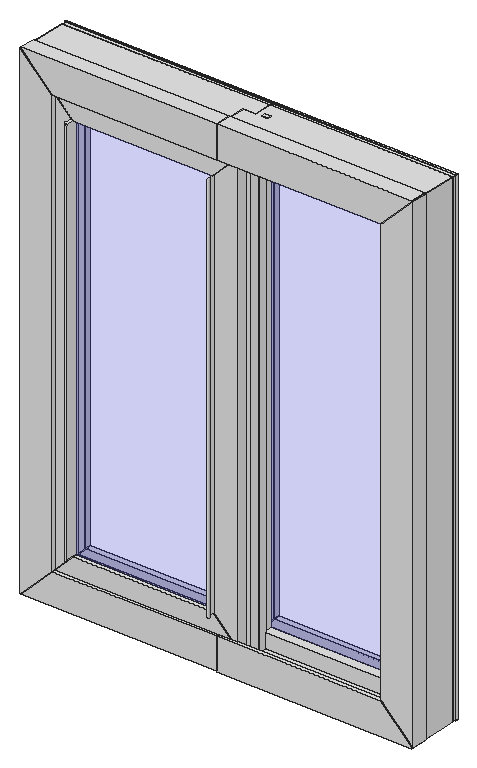
Revit family "531_OX_nofin", category Windows, host Wall, Revit 2016
Family settings
  Host = Wall
  OmniClass Number = 23.30.20.00
  OmniClass Title = Windows
  Always vertical = Yes
  Cut with Voids When Loaded = No
  Shared = No
  Room Calculation Point = No
Parameters (values of type "24x30")
  MLW2 = 1 / 2 * Bar Set  # 6"
  MLW = 1 / 8 * (Width - Bar Set)  # 1 1/2"
  Interior Color [instance] = White
  Height = 30"
  Exterior Color [instance] = White
  Default Sill Height = 31.49606"
  Wall Closure = By host
  Width = 24"
  Bar Set = 12"
Types (88): name | MLW2 | MLW | Interior Color | Height | Exterior Color | Width | Bar Set
  (no name) | 6" | 1 1/2" | White | 30" | White | 24" | 12"
  36x24 | 9" | 2 1/4" | none | 24" | none | 36" | 18"
  60x48 | 15" | 3 3/4" | none | 48" | none | 60" | 30"
  24x12Min | 6" | 1 1/2" | none | 12" | none | 24" | 12"
  72x36 | 18" | 4 1/2" | none | 60" | none | 72" | 36"
  96x60Max | 18" | 7 1/2" | none | 60" | none | 96" | 36"
  48x36 | 12" | 3" | none | 36" | none | 48" | 24"
  84x48 | 18" | 6" | none | 48" | none | 84" | 36"
  24x18 | 6" | 1 1/2" | none | 18" | none | 24" | 12"
  24x24 | 6" | 1 1/2" | none | 24" | none | 24" | 12"
  24x30 | 6" | 1 1/2" | White | 30" | White | 24" | 12"
  24x36 | 6" | 1 1/2" | none | 36" | none | 24" | 12"
  24x42 | 6" | 1 1/2" | none | 42" | none | 24" | 12"
  30x12 | 6" | 2 1/4" | none | 12" | none | 30" | 12"
  30x18 | 6" | 2 1/4" | none | 18" | none | 30" | 12"
  30x24 | 6" | 2 1/4" | none | 24" | none | 30" | 12"
  30x30 | 6" | 2 1/4" | none | 30" | none | 30" | 12"
  30x36 | 6" | 2 1/4" | none | 36" | none | 30" | 12"
  30x42 | 6" | 2 1/4" | none | 42" | none | 30" | 12"
  30x48 | 6" | 2 1/4" | none | 48" | none | 30" | 12"
  30x54 | 6" | 2 1/4" | none | 54" | none | 30" | 12"
  30x60 | 6" | 2 1/4" | none | 60" | none | 30" | 12"
  36x12 | 9" | 2 1/4" | none | 12" | none | 36" | 18"
  36x18 | 9" | 2 1/4" | none | 18" | none | 36" | 18"
  36x30 | 9" | 2 1/4" | none | 30" | none | 36" | 18"
  36x36 | 9" | 2 1/4" | none | 36" | none | 36" | 18"
  36x42 | 9" | 2 1/4" | none | 42" | none | 36" | 18"
  36x48 | 9" | 2 1/4" | none | 48" | none | 36" | 18"
  36x54 | 9" | 2 1/4" | none | 54" | none | 36" | 18"
  36x60 | 9" | 2 1/4" | none | 60" | none | 36" | 18"
  42x12 | 9" | 3" | none | 12" | none | 42" | 18"
  42x18 | 9" | 3" | none | 18" | none | 42" | 18"
  42x24 | 9" | 3" | none | 24" | none | 42" | 18"
  42x30 | 9" | 3" | none | 30" | none | 42" | 18"
  42x36 | 9" | 3" | none | 36" | none | 42" | 18"
  42x42 | 9" | 3" | none | 42" | none | 42" | 18"
  42x48 | 9" | 3" | none | 48" | none | 42" | 18"
  42x54 | 9" | 3" | none | 54" | none | 42" | 18"
  42x60 | 9" | 3" | none | 60" | none | 42" | 18"
  48x12 | 12" | 3" | none | 12" | none | 48" | 24"
  48x18 | 12" | 3" | none | 18" | none | 48" | 24"
  48x24 | 12" | 3" | none | 24" | none | 48" | 24"
  48x30 | 12" | 3" | none | 30" | none | 48" | 24"
  48x42 | 12" | 3" | none | 42" | none | 48" | 24"
  48x48 | 12" | 3" | none | 48" | none | 48" | 24"
  48x54 | 12" | 3" | none | 54" | none | 48" | 24"
  48x60 | 12" | 3" | none | 60" | none | 48" | 24"
  54x18 | 12" | 3 3/4" | none | 18" | none | 54" | 24"
  54x24 | 12" | 3 3/4" | none | 24" | none | 54" | 24"
  54x30 | 12" | 3 3/4" | none | 30" | none | 54" | 24"
  54x36 | 12" | 3 3/4" | none | 36" | none | 54" | 24"
  54x42 | 12" | 3 3/4" | none | 42" | none | 54" | 24"
  54x48 | 12" | 3 3/4" | none | 48" | none | 54" | 24"
  54x54 | 12" | 3 3/4" | none | 54" | none | 54" | 24"
  54x60 | 12" | 3 3/4" | none | 60" | none | 54" | 24"
  60x24 | 15" | 3 3/4" | none | 24" | none | 60" | 30"
  60x30 | 15" | 3 3/4" | none | 30" | none | 60" | 30"
  60x36 | 15" | 3 3/4" | none | 36" | none | 60" | 30"
  60x42 | 15" | 3 3/4" | none | 42" | none | 60" | 30"
  60x54 | 15" | 3 3/4" | none | 54" | none | 60" | 30"
  60x60 | 15" | 3 3/4" | none | 60" | none | 60" | 30"
  66x36 | 15" | 4 1/2" | none | 36" | none | 66" | 30"
  66x42 | 15" | 4 1/2" | none | 42" | none | 66" | 30"
  66x48 | 15" | 4 1/2" | none | 48" | none | 66" | 30"
  66x54 | 15" | 4 1/2" | none | 54" | none | 66" | 30"
  66x60 | 15" | 4 1/2" | none | 60" | none | 66" | 30"
  72x42 | 18" | 4 1/2" | none | 42" | none | 72" | 36"
  72x48 | 18" | 4 1/2" | none | 48" | none | 72" | 36"
  72x54 | 18" | 4 1/2" | none | 54" | none | 72" | 36"
  72x60 | 18" | 4 1/2" | none | 60" | none | 72" | 36"
  78x36 | 18" | 5 1/4" | none | 36" | none | 78" | 36"
  78x42 | 18" | 5 1/4" | none | 42" | none | 78" | 36"
  78x48 | 18" | 5 1/4" | none | 48" | none | 78" | 36"
  78x54 | 18" | 5 1/4" | none | 54" | none | 78" | 36"
  78x60 | 18" | 5 1/4" | none | 60" | none | 78" | 36"
  84x36 | 18" | 6" | none | 36" | none | 84" | 36"
  84x42 | 18" | 6" | none | 42" | none | 84" | 36"
  84x54 | 18" | 6" | none | 54" | none | 84" | 36"
  84x60 | 18" | 6" | none | 60" | none | 84" | 36"
  90x36 | 18" | 6 3/4" | none | 36" | none | 90" | 36"
  90x42 | 18" | 6 3/4" | none | 42" | none | 90" | 36"
  90x48 | 18" | 6 3/4" | none | 48" | none | 90" | 36"
  90x54 | 18" | 6 3/4" | none | 54" | none | 90" | 36"
  90x60 | 18" | 6 3/4" | none | 60" | none | 90" | 36"
  96x36 | 18" | 7 1/2" | none | 36" | none | 96" | 36"
  96x42 | 18" | 7 1/2" | none | 42" | none | 96" | 36"
  96x48 | 18" | 7 1/2" | none | 48" | none | 96" | 36"
  96x54 | 18" | 7 1/2" | none | 54" | none | 96" | 36"
Reference planes (in)
  plane 1 "Center (Front/Back)": y = 0
  plane 2 "Center (Left/Right)": x = 0
  plane 3 "Left": x = -12
  plane 4 "Right": x = 12
  plane 5 "Sill": z = 31.49606
  plane 6 "Head": z = 61.49606
  plane 7 "Exterior": y = 3.93701
  plane 8 "Interior": y = -3.93701
  plane 9 "Front of wall": y = 3.93701
  plane 10 "Bar Set": x = 0
  plane 11: z = 34.04922
  plane 12: x = -9.48299
  plane 13: x = 0.12463
  plane 14: x = 0.6229
  plane 15: z = 58.9783
  plane 16: z = 60.10146
  plane 17: z = 32.89066
  plane 18: x = 10.6054
  plane 19: x = 0.74597
  plane 20 "Front of glass": y = 4.93055
Forms (in)
  Extrusion 1, solid, material "White" <- "Interior Color"
    sketch origin (6, 0, 0) x (0, 0, -1) y (0, 1, 0)
      loop
        line (-33.39043, 2.08253) -> (-33.39043, 1.88312) -> (-31.49606, 1.88312) -> (-31.49606, 5.03546) -> (-31.516, 5.06366) -> (-31.516, 5.24739) -> (-31.47612, 5.24739) -> (-31.47612, 5.37274) -> (-32.76728, 5.37274) -> (-32.76728, 4.12644) -> (-33.39043, 4.12644) -> (-33.39043, 3.47837) -> (-33.92559, 3.47837) -> (-33.96315, 3.46831) -> (-34.48692, 3.46831) -> (-34.48692, 3.10548) -> (-34.5121, 3.0661) -> (-34.04922, 3.0661) -> (-34.04922, 2.32431) -> (-34.51206, 2.32431) -> (-34.51206, 2.08253) -> (-33.39043, 2.08253)
    from -5.25403 to -18
  Extrusion 2, solid, material "White" <- "Interior Color"
    sketch origin (0, 0, 0.07514) x (0, 0, -1) y (0, 1, 0)
      loop
        line (-59.52656, 1.88312) -> (-59.52656, 2.08253) -> (-58.40465, 2.08253) -> (-58.40465, 2.32431) -> (-58.90317, 2.32431) -> (-58.90317, 3.0661) -> (-58.44129, 3.0661) -> (-58.46778, 3.10753) -> (-58.46778, 3.47837) -> (-59.52656, 3.47837) -> (-59.52656, 4.12644) -> (-60.27434, 4.12644) -> (-60.27434, 4.62496) -> (-60.14971, 4.62496) -> (-60.14971, 5.37274) -> (-61.44087, 5.37274) -> (-61.44087, 5.24811) -> (-61.40098, 5.24811) -> (-61.40098, 5.06366) -> (-61.42093, 5.03546) -> (-61.42093, 2.83778) -> (-61.49606, 2.83778) -> (-61.49606, 1.88312) -> (-59.52656, 1.88312)
    from 0.74597 to -12
  Extrusion 3, solid, material "White" <- "Interior Color"
    sketch origin (0, 0, 0.07514) x (0, 0, -1) y (0, 1, 0)
      loop
        line (-59.67612, 2.08253) -> (-59.70459, 2.06258) -> (-60.39897, 2.06258) -> (-60.39897, 3.57808) -> (-59.52681, 3.57808) -> (-59.52681, 4.18876) -> (-60.02632, 4.18876) -> (-60.02632, 4.93055) -> (-59.56345, 4.93055) -> (-59.58863, 4.96993) -> (-59.58863, 5.33276) -> (-60.14971, 5.33276) -> (-60.14971, 5.37274) -> (-61.44087, 5.37274) -> (-61.44087, 5.24811) -> (-61.40098, 5.24811) -> (-61.40098, 5.06366) -> (-61.42093, 5.03546) -> (-61.42093, 2.83778) -> (-61.49606, 2.83778) -> (-61.49606, 1.88312) -> (-59.52656, 1.88312) -> (-59.52656, 2.08253) -> (-59.67612, 2.08253)
    from 0 to 12
  Extrusion 4, solid, material "White" <- "Interior Color"
    sketch origin (0, 0, -0.07514) x (0, 0, -1) y (0, 1, 0)
      loop
        line (-32.84242, 5.33276) -> (-33.4035, 5.33276) -> (-33.4035, 4.96993) -> (-33.42868, 4.93055) -> (-32.9658, 4.93055) -> (-32.9658, 4.18876) -> (-33.46532, 4.18876) -> (-33.46532, 3.57808) -> (-32.59316, 3.57808) -> (-32.59316, 2.06258) -> (-33.28147, 2.06258) -> (-33.31601, 2.08253) -> (-33.46556, 2.08253) -> (-33.46556, 1.88312) -> (-31.49606, 1.88312) -> (-31.49606, 2.83778) -> (-31.5712, 2.83778) -> (-31.5712, 5.03546) -> (-31.59114, 5.06366) -> (-31.59114, 5.24811) -> (-31.55126, 5.24811) -> (-31.55126, 5.37274) -> (-32.84242, 5.37274) -> (-32.84242, 5.33276)
    from 0 to 12
  Extrusion 5, solid, material "White" <- "Interior Color"
    sketch origin (-0.07514, 0, 31.49606) x (0, -1, 0) y (1, 0, 0)
      loop
        line (-2.83778, -12) -> (-1.88312, -12) -> (-1.88312, -10.0305) -> (-2.08253, -10.0305) -> (-2.08253, -8.97913) -> (-1.70819, -8.97913)
        arc (-1.70819, -8.97913) -> (-1.59969, -9.01298) -> (-1.64632, -8.90933) r 0.06231
        line (-1.64632, -8.90933) -> (-2.32431, -8.90933) -> (-2.32431, -9.40785) -> (-3.0661, -9.40785) -> (-3.0661, -8.94597) -> (-3.10548, -8.97115) -> (-3.46831, -8.97115) -> (-3.46831, -9.48888) -> (-3.47837, -9.53248) -> (-3.47837, -10.0305) -> (-4.12644, -10.0305) -> (-4.12644, -10.77827) -> (-4.62496, -10.77827) -> (-4.62496, -10.65364) -> (-5.37274, -10.65364) -> (-5.37274, -11.9448) -> (-5.24811, -11.9448) -> (-5.24811, -11.90492) -> (-5.06366, -11.90492) -> (-5.03546, -11.92486) -> (-2.83778, -11.92486) -> (-2.83778, -12)
    from 0 to 30
  Extrusion 6, solid, material "White" <- "Interior Color"
    sketch origin (0, 0, 31.49606) x (0, -1, 0) y (1, 0, 0)
      loop
        line (-4.93055, 1.08478) -> (-4.96993, 1.0596) -> (-5.33276, 1.0596) -> (-5.33276, 0.53583) -> (-5.34283, 0.49852) -> (-5.34283, -0.49852) -> (-4.72466, -0.49852) -> (-4.72466, -0.91229) -> (-4.64989, -0.91229) -> (-4.64989, -0.49852) -> (-4.10152, -0.49852) -> (-4.10152, -0.91229) -> (-4.02674, -0.91229) -> (-4.02674, -0.49852) -> (-3.57808, -0.49852) -> (-3.57808, -0.31207) -> (-3.10548, -0.31207) -> (-3.0661, -0.33725) -> (-3.0661, 0.12463) -> (-2.32431, 0.12463) -> (-2.32431, -0.37389) -> (-1.64632, -0.37389)
        arc (-1.64632, -0.37389) -> (-1.59969, -0.27024) -> (-1.70819, -0.3041) r 0.06231
        line (-1.70819, -0.3041) -> (-2.08253, -0.3041) -> (-2.08253, 1.12166) -> (-2.73658, 1.12166) -> (-2.75124, 1.40147) -> (-3.16811, 1.48148) -> (-3.16811, 1.63015) -> (-3.63845, 1.63015) -> (-3.64097, 1.48558) -> (-4.18876, 1.48558) -> (-4.18876, 0.6229) -> (-4.93055, 0.6229) -> (-4.93055, 1.08478)
    from 0 to 30
  Sweep 7, void
    path in 3D
      loop
        line (10.06142, 7.44341, 61.49606) -> (10.06142, 3.93701, 61.49606)
    profile origin (10.06142, 5.69021, 61.49606) x (1, 0, 0) y (0, 0, 1)
      loop
        line (2.17917, 0.24059) -> (-0.13813, 0.24059) -> (-0.13813, -2.07671) -> (2.17917, 0.24059)
  Sweep 8, void
    path in 3D
      loop
        line (10.06142, 7.44341, 61.49606) -> (10.06142, 3.93701, 61.49606)
    profile origin (10.06142, 5.69021, 61.49606) x (1, 0, 0) y (0, 0, 1)
      loop
        line (-0.06142, -2) -> (2.30858, -2) -> (2.30858, 0.37) -> (-0.06142, -2)
  Extrusion 9, solid, material "White" <- "Interior Color"
    sketch origin (0, 0, 31.49606) x (0, -1, 0) y (1, 0, 0)
      loop
        line (-5.33276, 10.72878) -> (-5.33276, 10.1677) -> (-4.96993, 10.1677) -> (-4.93055, 10.14252) -> (-4.93055, 10.6054) -> (-4.18876, 10.6054) -> (-4.18876, 10.10589) -> (-3.57808, 10.10589) -> (-3.57808, 10.97804) -> (-2.06258, 10.97804) -> (-2.06258, 10.28973) -> (-2.08253, 10.25519) -> (-2.08253, 10.10564) -> (-1.88312, 10.10564) -> (-1.88312, 12.07514) -> (-2.83778, 12.07514) -> (-2.83778, 12) -> (-5.03546, 12) -> (-5.06366, 11.98006) -> (-5.24811, 11.98006) -> (-5.24811, 12.01994) -> (-5.37274, 12.01994) -> (-5.37274, 10.72878) -> (-5.33276, 10.72878)
    from 0 to 30
  Sweep 10, void
    path in 3D
      loop
        line (-1.19179, 7.65926, 61.49606) -> (-1.19179, 3.93701, 61.49606)
    profile origin (-1.19179, 5.79814, 61.49606) x (1, 0, 0) y (0, 0, 1)
      loop
        line (1.69031, -1.27122) -> (1.93776, -1.27122) -> (1.93776, 0.17023) -> (0.2795, 0.17023) -> (0.2795, -3.31946) -> (2.39741, -3.31946) -> (2.39741, -1.97832) -> (1.69031, -1.27122)
  Sweep 11, void
    path in 3D
      loop
        line (-1.19179, 7.65926, 61.49606) -> (-1.19179, 3.93701, 61.49606)
    profile origin (-1.19179, 5.79814, 61.49606) x (1, 0, 0) y (0, 0, 1)
      loop
        line (2.3132, -1.89411) -> (2.3132, 0.22878) -> (0.07683, 0.22878) -> (0.07683, -1.27122) -> (1.72762, -1.27122) -> (1.72762, -1.30854) -> (2.3132, -1.89411)
  Sweep 12, void
    path in 3D
      loop
        line (-10.64198, 7.54333, 61.49606) -> (-10.64198, 3.93701, 61.49606)
    profile origin (-10.64198, 5.74017, 61.49606) x (1, 0, 0) y (0, 0, 1)
      loop
        line (-1.82248, 0.46447) -> (2.17752, -3.53553) -> (2.17752, 0.46447) -> (-1.82248, 0.46447)
  Sweep 13, void
    path in 3D
      loop
        line (-10.64198, 7.54333, 61.49606) -> (-10.64198, 3.93701, 61.49606)
    profile origin (-10.64198, 5.74017, 61.49606) x (1, 0, 0) y (0, 0, 1)
      loop
        line (-1.64885, 0.29083) -> (-1.64885, -3.45917) -> (2.10115, -3.45917) -> (-1.64885, 0.29083)
  Sweep 14, void
    path in 3D
      loop
        line (-10.05033, 7.34611, 31.49606) -> (-10.05033, 3.93701, 31.49606)
    profile origin (-10.05033, 5.64156, 31.49606) x (1, 0, 0) y (0, 0, 1)
      loop
        line (-2.4953, -0.54563) -> (1.67098, -0.54563) -> (1.67098, 3.62064) -> (-2.4953, -0.54563)
  Sweep 15, void
    path in 3D
      loop
        line (-10.05033, 7.34611, 31.49606) -> (-10.05033, 3.93701, 31.49606)
    profile origin (-10.05033, 5.64156, 31.49606) x (1, 0, 0) y (0, 0, 1)
      loop
        line (-2.37845, -0.42879) -> (1.7121, 3.66177) -> (-2.37845, 3.66177) -> (-2.37845, -0.42879)
  Sweep 16, void
    path in 3D
      loop
        line (-0.69179, 7.65926, 31.49606) -> (-0.69179, 3.93701, 31.49606)
    profile origin (-0.69179, 5.79814, 31.49606) x (1, 0, 0) y (0, 0, 1)
      loop
        line (1.19031, 1.27122) -> (1.91455, 1.99547) -> (-0.2205, 1.99547) -> (-0.2205, -0.47878) -> (1.43776, -0.47878) -> (1.43776, 1.27122) -> (1.19031, 1.27122)
  Sweep 17, void
    path in 3D
      loop
        line (-0.69179, 7.65926, 31.49606) -> (-0.69179, 3.93701, 31.49606)
    profile origin (-0.69179, 5.79814, 31.49606) x (1, 0, 0) y (0, 0, 1)
      loop
        line (1.8132, 1.89411) -> (1.22762, 1.30854) -> (1.22762, 1.27122) -> (-0.41456, 1.27122) -> (-0.41456, -0.55728) -> (1.8132, -0.55728) -> (1.8132, 1.89411)
  Sweep 18, void
    path in 3D
      loop
        line (10.34821, 7.35039, 31.49606) -> (10.34821, 3.93701, 31.49606)
    profile origin (10.34821, 5.6437, 31.49606) x (1, 0, 0) y (0, 0, 1)
      loop
        line (2.03728, -0.38549) -> (-0.71272, 2.36451) -> (-0.71272, -0.38549) -> (2.03728, -0.38549)
  Sweep 19, void
    path in 3D
      loop
        line (10.34821, 7.35039, 31.49606) -> (10.34821, 3.93701, 31.49606)
    profile origin (10.34821, 5.6437, 31.49606) x (1, 0, 0) y (0, 0, 1)
      loop
        line (1.98552, -0.33374) -> (1.98552, 2.16626) -> (-0.51448, 2.16626) -> (1.98552, -0.33374)
  Extrusion 20, void
    sketch origin (0, 3.93701, 0) x (1, 0, 0) y (0, 0, 1)
      loop
        line (-13.74016, 63.23622) -> (-13.74016, 57.60698) -> (-8.11091, 57.60698) -> (-13.74016, 63.23622)
    from 0 to 12
  Extrusion 21, void
    sketch origin (0, 3.93701, 0) x (1, 0, 0) y (0, 0, 1)
      loop
        line (-12.35987, 61.85593) -> (-8.51042, 58.00648) -> (-8.51042, 61.85593) -> (-12.35987, 61.85593)
    from 0 to 12
  Extrusion 22, void
    sketch origin (0, 3.93701, 0) x (1, 0, 0) y (0, 0, 1)
      loop
        line (-8.44678, 35.04979) -> (-13.74065, 35.04979) -> (-13.74065, 29.75591) -> (-8.44678, 35.04979)
    from 0 to 12
  Extrusion 23, void
    sketch origin (0, 3.93701, 0) x (1, 0, 0) y (0, 0, 1)
      loop
        line (-7.94653, 35.54953) -> (-12.69653, 30.79953) -> (-7.94653, 30.79953) -> (-7.94653, 35.54953)
    from 0 to 12
  Extrusion 24, void
    sketch origin (0, 3.93701, 0) x (1, 0, 0) y (0, 0, 1)
      loop
        line (1.99597, 30.64043) -> (1.99597, 34.8922) -> (-0.7558, 34.8922) -> (0.74597, 33.39043) -> (0, 33.39043) -> (0, 30.64043) -> (1.99597, 30.64043)
    from 0 to 12
  Extrusion 25, void
    sketch origin (0, 3.93701, 0) x (1, 0, 0) y (0, 0, 1)
      loop
        line (0.94802, 61.6017) -> (0, 61.6017) -> (0, 59.6017) -> (0.74597, 59.6017) -> (-0.91533, 57.94039) -> (0.94802, 57.94039) -> (0.94802, 61.6017)
    from 0 to 12
  Extrusion 26, void
    sketch origin (0, 3.93701, 0) x (1, 0, 0) y (0, 0, 1)
      loop
        line (0.74671, 59.6017) -> (2.24205, 59.6017) -> (2.24205, 61.86079) -> (-1.00795, 61.86079) -> (-1.00795, 58.47979) -> (-0.3752, 58.47979) -> (0.74671, 59.6017)
    from 0 to 12
  Extrusion 27, void
    sketch origin (0, 3.93701, 0) x (1, 0, 0) y (0, 0, 1)
      loop
        line (9.78932, 59.28538) -> (12.87707, 59.28538) -> (12.87707, 62.37314) -> (9.78932, 59.28538)
    from 0 to 12
  Extrusion 28, void
    sketch origin (0, 3.93701, 0) x (1, 0, 0) y (0, 0, 1)
      loop
        line (12.2019, 61.69797) -> (9.7019, 61.69797) -> (9.7019, 59.19797) -> (12.2019, 61.69797)
    from 0 to 12
  Extrusion 29, void
    sketch origin (0, 3.93701, 0) x (1, 0, 0) y (0, 0, 1)
      loop
        line (9.70248, 33.79358) -> (9.70248, 30.9153) -> (12.58076, 30.9153) -> (9.70248, 33.79358)
    from 0 to 12
  Extrusion 30, void
    sketch origin (0, 3.93701, 0) x (1, 0, 0) y (0, 0, 1)
      loop
        line (13.00984, 30.48622) -> (13.00984, 33.86489) -> (9.63117, 33.86489) -> (13.00984, 30.48622)
    from 0 to 12
  Extrusion 31, solid, material "Glass"
    sketch origin (0, 0, 31.49606) x (0, -1, 0) y (1, 0, 0)
      loop
        line (-2.32431, -9.48299) -> (-2.32431, 0.12463) -> (-3.0661, 0.12463) -> (-3.0661, -9.48299) -> (-2.32431, -9.48299)
    from 2.55315 to 27.48224
  Extrusion 32, solid, material "Glass"
    sketch origin (0, 0, 31.49606) x (0, -1, 0) y (1, 0, 0)
      loop
        line (-4.18876, 0.6229) -> (-4.18876, 10.6054) -> (-4.93055, 10.6054) -> (-4.93055, 0.6229) -> (-4.18876, 0.6229)
    from 1.3946 to 28.6054
  Extrusion 33, void
    sketch origin (0, 3.93701, 0) x (1, 0, 0) y (0, 0, 1)
      loop
        line (-0.69179, 34.82819) -> (-0.69179, 31.14043) -> (0, 31.14043) -> (0, 33.39043) -> (0.74597, 33.39043) -> (-0.69179, 34.82819)
    from 0 to 12
Cuts and joins
  Sweep 8, Sweep 10, Extrusion 27 cuts Extrusion 3
  Sweep 7, Sweep 18, Extrusion 28, Extrusion 29 cuts Extrusion 9
  Sweep 13, Extrusion 20, Extrusion 25 cuts Extrusion 2
  Sweep 11, Sweep 17, Extrusion 26, Extrusion 33 cuts Extrusion 6
  Sweep 12, Sweep 14, Extrusion 21, Extrusion 23 cuts Extrusion 5
  Sweep 15, Extrusion 22, Extrusion 24 cuts Extrusion 1
  Sweep 16, Sweep 19, Extrusion 30, Extrusion 33 cuts Extrusion 4
Lines and regions (in)
  Opening 1
    outline origin (137.79528, -3.93701, 0) x (1, 0, 0) y (0, 0, 1)
      loop
        line (-125.79528, 31.49606) -> (-125.79528, 61.49606) -> (-149.79528, 61.49606) -> (-149.79528, 31.49606) -> (-125.79528, 31.49606)
  reference lines
    curve 1: line (-10.64198, 7.54333, 61.49606) -> (-10.64198, 3.93701, 61.49606)
    curve 2: line (-10.05033, 7.34611, 31.49606) -> (-10.05033, 3.93701, 31.49606)
    curve 3: line (-1.19179, 7.65926, 61.49606) -> (-1.19179, 3.93701, 61.49606)
    curve 4: line (-0.69179, 7.65926, 31.49606) -> (-0.69179, 3.93701, 31.49606)
    curve 5: line (10.06142, 7.44341, 61.49606) -> (10.06142, 3.93701, 61.49606)
    curve 6: line (10.34821, 7.35039, 31.49606) -> (10.34821, 3.93701, 31.49606)
    curve 22: line (8.5, 4.93055, 48.99606) -> (3.5, 4.93055, 48.99606)
    curve 23: line (8.5, 4.93055, 43.99606) -> (8.5, 4.93055, 48.99606)
    curve 24: line (3.5, 4.93055, 43.99606) -> (8.5, 4.93055, 43.99606)
    curve 25: line (3.5, 4.93055, 48.99606) -> (3.5, 4.93055, 43.99606)
    curve 29: line (6, 4.93055, 43.99606) -> (6, 4.93055, 50.49606)
    curve 30: line (8.5, 4.93055, 46.49606) -> (1, 4.93055, 46.49606)
    curve 34: line (8.5, 0, 48.99606) -> (3.5, 0, 48.99606)
    curve 35: line (8.5, 0, 43.99606) -> (8.5, 0, 48.99606)
    curve 36: line (3.5, 0, 43.99606) -> (8.5, 0, 43.99606)
    curve 37: line (3.5, 0, 48.99606) -> (3.5, 0, 43.99606)
    curve 38: line (6, 0, 43.99606) -> (6, 0, 51.49606)
    curve 39: line (8.5, 0, 46.49606) -> (1.5, 0, 46.49606)
  sketch lines
    curve 7: line (10.06142, 7.44341, 61.49606) -> (10.06142, 3.93701, 61.49606)
    curve 8: line (10.06142, 7.44341, 61.49606) -> (10.06142, 3.93701, 61.49606)
    curve 9: line (-1.19179, 7.65926, 61.49606) -> (-1.19179, 3.93701, 61.49606)
    curve 10: line (-1.19179, 7.65926, 61.49606) -> (-1.19179, 3.93701, 61.49606)
    curve 11: line (-10.64198, 7.54333, 61.49606) -> (-10.64198, 3.93701, 61.49606)
    curve 12: line (-10.64198, 7.54333, 61.49606) -> (-10.64198, 3.93701, 61.49606)
    curve 13: line (-10.05033, 7.34611, 31.49606) -> (-10.05033, 3.93701, 31.49606)
    curve 14: line (-10.05033, 7.34611, 31.49606) -> (-10.05033, 3.93701, 31.49606)
    curve 15: line (-0.69179, 7.65926, 31.49606) -> (-0.69179, 3.93701, 31.49606)
    curve 16: line (-0.69179, 7.65926, 31.49606) -> (-0.69179, 3.93701, 31.49606)
    curve 17: line (10.34821, 7.35039, 31.49606) -> (10.34821, 3.93701, 31.49606)
    curve 18: line (10.34821, 7.35039, 31.49606) -> (10.34821, 3.93701, 31.49606)
  model lines
    curve 19: line (-2.73113, 3.93701, 46.49606) -> (-8.23113, 3.93701, 46.49606)
    curve 20: line (-2.73113, 3.93701, 46.49606) -> (-3.79179, 3.93701, 47.55672)
    curve 21: line (-2.73113, 3.93701, 46.49606) -> (-3.79179, 3.93701, 45.4354)
    curve 26: line (8.5, 4.93055, 48.99606) -> (3.5, 4.93055, 43.99606)
    curve 27: line (3.5, 4.93055, 46.49606) -> (6, 4.93055, 48.99606)
    curve 28: line (6, 4.93055, 43.99606) -> (8.5, 4.93055, 46.49606)
  symbolic lines
    curve 31: line (-2.73113, 3.93701, 46.49606) -> (-8.23113, 3.93701, 46.49606)
    curve 32: line (-2.73113, 3.93701, 46.49606) -> (-3.79179, 3.93701, 47.55672)
    curve 33: line (-2.73113, 3.93701, 46.49606) -> (-3.79179, 3.93701, 45.4354)
    curve 40: line (6, 0, 43.99606) -> (8.5, 0, 46.49606)
    curve 41: line (6, 0, 48.99606) -> (3.5, 0, 46.49606)
    curve 42: line (3.5, 0, 34.99606) -> (8.5, 0, 48.99606)
Text (in)
  text "EXTERIOR" at (-77.29147, 52.45485, 0), in view "Ref. Level"
  text "INTERIOR" at (-78.01048, -32.21994, 0), in view "Ref. Level"
  text "Exterior" at (0, 36.36817, 115.8778), in view "Right"
  text "Exterior" at (0, 40.96394, 105.72475), in view "Left"
Dimensions and locks (in)
  equal spacing: plane 3 "Left", plane 2 "Center (Left/Right)", plane 4 "Right"
  "Width": plane 3 "Left" to plane 4 "Right"
  "Height": plane 5 "Sill" to plane 6 "Head"
  "Default Sill Height": plane 5 "Sill" to level
  locked: plane 7 "Exterior" to host wall at 0
  locked: plane 8 "Interior" to host wall
  "Bar Set": plane 10 "Bar Set" to plane 3 "Left"
  locked: plane 5 "Sill" to plane 11 at 2.55315
  locked: plane 9 "Front of wall" to Extrusion 1 sketch curve at 2.05389
  locked: plane 9 "Front of wall" to Extrusion 1 sketch curve at 1.85448
  locked: Extrusion 1 sketch curve to Extrusion 1 sketch curve at 1.89436
  locked: plane 5 "Sill" to Extrusion 1 sketch curve at 1.27122
  locked: plane 9 "Front of wall" to Extrusion 2 sketch curve at 2.05389
  locked: Extrusion 2 sketch curve to Extrusion 2 sketch curve at 1.9695
  locked: host wall to Extrusion 2 sketch curve at 1.85448
  Extrusion 2 sketch curve to plane 6 "Head" = 1.89436"
  locked: plane 9 "Front of wall" to Extrusion 3 sketch curve at 2.05389
  locked: Extrusion 3 sketch curve to Extrusion 3 sketch curve at 1.9695
  Extrusion 3 sketch curve to plane 6 "Head" = 1.02196"
  Extrusion 3 sketch curve to plane 6 "Head" = 1.8323"
  locked: host wall to Extrusion 4 sketch curve at 2.05389
  locked: Extrusion 4 sketch curve to Extrusion 4 sketch curve at 1.9695
  plane 5 "Sill" to Extrusion 4 sketch curve = 1.02196"
  plane 5 "Sill" to Extrusion 4 sketch curve = 1.8323"
  locked: plane 10 "Bar Set" to plane 14 at 0.6229
  locked: plane 10 "Bar Set" to plane 13 at 0.12463
  locked: plane 3 "Left" to plane 12 at 2.51701
  locked: host wall to Extrusion 5 sketch curve at 2.05389
  locked: Extrusion 5 sketch curve to Extrusion 5 sketch curve at 1.9695
  plane 3 "Left" to Extrusion 5 sketch curve = 1.89436"
  locked: Extrusion 5 sketch curve to host wall at 1.85448
  locked: host wall to Extrusion 6 sketch curve at 1.85448
  locked: Extrusion 6 sketch curve to host wall at 1.40582
  locked: plane 10 "Bar Set" to Extrusion 6 sketch curve at 1.63015
  locked: Extrusion 6 sketch curve to plane 10 "Bar Set" at 0.49852
  locked: Extrusion 6 sketch curve to Extrusion 6 sketch curve at 1.42576
  locked: plane 15 to plane 6 "Head" at 2.51776
  locked: Extrusion 2 sketch curve to plane 6 "Head" at 1.89436
  locked: plane 16 to plane 6 "Head" at 1.3946
  locked: Extrusion 3 sketch curve to plane 6 "Head" at 1.02196
  locked: plane 5 "Sill" to plane 17 at 1.3946
  locked: plane 5 "Sill" to Extrusion 4 sketch curve at 1.02196
  locked: plane 3 "Left" to Extrusion 5 sketch curve at 2.95371
  locked: plane 18 to plane 4 "Right" at 1.3946
  locked: host wall to Extrusion 9 sketch curve at 2.05389
  locked: Extrusion 9 sketch curve to Extrusion 9 sketch curve at 1.9695
  Extrusion 9 to plane 18 to Extrusion 6 = 0.12338", 8.97525"
  locked: plane 19 to plane 10 "Bar Set" at 0.74597
  plane 5 "Sill" to plane 6 "Head" = 30"  (x2)
  equal spacing: plane 5 "Sill", curve 19, plane 6 "Head"
  locked: plane 20 "Front of glass" to plane 9 "Front of wall" at 0.99354
  plane 10 "Bar Set" to plane 4 "Right" = 12"
  "MLW": curve 21 to curve 20
  "MLW": curve 21 to curve 21
  locked: plane 10 "Bar Set" to curve 21 at 2.73113
  locked: plane 3 "Left" to curve 19 at 3.76887
  equal spacing: curve 27, curve 26, curve 28
  locked: curve 23 to curve 25 at 5
  locked: curve 24 to curve 22 at 5
  equal spacing: curve 25, curve 29, curve 23
  equal spacing: curve 24, curve 30, curve 22
  equal spacing: plane 5 "Sill", curve 30, plane 6 "Head"
  equal spacing: plane 10 "Bar Set", curve 29, plane 4 "Right"
  locked: curve 35 to curve 37 at 5
  locked: curve 36 to curve 34 at 5
  equal spacing: curve 37, curve 38, curve 35
  equal spacing: curve 36, curve 39, curve 34
  locked: curve 37 to curve 41 at 2.5
  locked: curve 37 to curve 40 at 2.5
  locked: curve 40 to curve 36 at 2.5
  locked: curve 41 to curve 36 at 2.5
  locked: curve 35 to curve 42 at 5
  equal spacing: plane 6 "Head", curve 39, plane 5 "Sill"
  equal spacing: plane 10 "Bar Set", curve 38, plane 4 "Right"
  locked: curve 19 to curve 20 (angle 45.00°)
  locked: curve 21 to curve 19 (angle 45.00°)
  aligned and locked: plane 9 "Front of wall" to host wall
  aligned and locked: Extrusion 1 sketch curve to plane 11
  aligned and locked: plane 5 "Sill" to Extrusion 1 sketch curve
  aligned and locked: Extrusion 5 sketch curve to plane 12
  aligned and locked: Extrusion 6 sketch curve to plane 14
  aligned and locked: Extrusion 6 sketch curve to plane 13
  aligned and locked: Extrusion 6 to plane 6 "Head"
  aligned and locked: Extrusion 5 to plane 6 "Head"
  aligned and locked: plane 5 "Sill" to Extrusion 6
  aligned and locked: plane 5 "Sill" to Extrusion 5
  aligned and locked: Extrusion 3 to plane 4 "Right"
  aligned and locked: plane 3 "Left" to Extrusion 2
  aligned and locked: Extrusion 2 sketch curve to plane 6 "Head"
  aligned and locked: plane 15 to Extrusion 2 sketch curve
  aligned and locked: Extrusion 3 sketch curve to plane 6 "Head"
  aligned and locked: plane 16 to Extrusion 3
  aligned and locked: plane 17 to Extrusion 4 sketch curve
  aligned and locked: Extrusion 4 sketch curve to plane 5 "Sill"
  aligned and locked: plane 3 "Left" to Extrusion 5 sketch curve
  aligned and locked: plane 3 "Left" to Extrusion 1
  aligned and locked: plane 9 "Front of wall" to curve 6
  aligned and locked: plane 9 "Front of wall" to curve 5
  aligned and locked: plane 9 "Front of wall" to curve 4
  aligned and locked: plane 9 "Front of wall" to curve 3
  aligned and locked: plane 9 "Front of wall" to curve 2
  aligned and locked: plane 9 "Front of wall" to curve 1
  aligned and locked: plane 18 to Extrusion 9 sketch curve
  aligned and locked: Extrusion 9 sketch curve to plane 4 "Right"
  aligned and locked: Extrusion 4 to plane 4 "Right"
  aligned and locked: Extrusion 9 to plane 6 "Head"
  aligned and locked: plane 5 "Sill" to Extrusion 9
  aligned and locked: cut or joined group of Extrusion 3, Sweep 8, Sweep 10, Extrusion 27 to plane 10 "Bar Set"
  aligned and locked: cut or joined group of Extrusion 4, Sweep 16, Sweep 19, Extrusion 30, Extrusion 33 to plane 10 "Bar Set"
  aligned and locked: Extrusion 25 sketch curve to cut or joined group of Extrusion 2, Sweep 13, Extrusion 20, Extrusion 25
  aligned and locked: cut or joined group of Extrusion 1, Sweep 15, Extrusion 22, Extrusion 24 to plane 19
  aligned and locked: plane 12 to Extrusion 31 sketch curve
  aligned and locked: Extrusion 31 sketch curve to plane 13
  aligned and locked: plane 14 to Extrusion 32 sketch curve
  aligned and locked: plane 18 to Extrusion 32 sketch curve
  aligned and locked: plane 17 to Extrusion 32
  aligned and locked: Extrusion 32 to plane 16
  aligned and locked: plane 11 to Extrusion 31
  aligned and locked: Extrusion 31 to plane 15
  aligned and locked: curve 22 to curve 25
  aligned and locked: curve 25 to curve 25
  aligned and locked: curve 23 to curve 23
  aligned and locked: curve 25 to curve 26
  aligned and locked: curve 26 to curve 22
  aligned and locked: curve 22 to curve 27
  aligned and locked: curve 25 to curve 27
  aligned and locked: curve 24 to curve 28
  aligned and locked: curve 23 to curve 28
  aligned and locked: curve 34 to curve 37
  aligned and locked: curve 37 to curve 37
  aligned and locked: curve 35 to curve 35
  aligned and locked: curve 37 to curve 41
  aligned and locked: curve 36 to curve 40
  aligned and locked: curve 35 to curve 40
  aligned and locked: curve 34 to curve 41
  aligned and locked: curve 35 to curve 42
Automatic sketch dimensions
  plane 12 to curve 2 = 0.56734"
  host wall to curve 2 = 3.4091"
  plane 18 to curve 6 = 0.25719"
  host wall to curve 6 = 3.41339"
  curve 4 to plane 10 "Bar Set" = 0.69179"
  host wall to curve 4 = 3.72226"
  plane 12 to curve 1 = 1.15899"
  plane 18 to curve 5 = 0.54398"
  host wall to curve 5 = 3.5064"
  host wall to curve 1 = 3.60632"
  curve 3 to plane 10 "Bar Set" = 1.19179"
  host wall to curve 3 = 3.72226"
  profile plane to Sweep 7 sketch curve = 0.13813"
  profile plane to Sweep 7 sketch curve = 0.24059"
  Sweep 7 sketch curve to profile plane = 2.17917"
  Sweep 7 sketch curve to profile plane = 2.07671"
  Sweep 10 sketch curve to profile plane = 0.2795"
  Sweep 10 sketch curve to profile plane = 1.69031"
  Sweep 10 sketch curve to Sweep 10 sketch curve = 0.24746"
  Sweep 10 sketch curve to Sweep 10 sketch curve = 0.45965"
  Sweep 10 sketch curve to profile plane = 3.31946"
  Sweep 10 sketch curve to Sweep 10 sketch curve = 1.34113"
  Sweep 10 sketch curve to Sweep 10 sketch curve = 0.70711"
  profile plane to Sweep 10 sketch curve = 0.17023"
  Sweep 11 sketch curve to profile plane = 0.07683"
  Sweep 11 sketch curve to Sweep 11 sketch curve = 1.6508"
  Sweep 11 sketch curve to Sweep 11 sketch curve = 0.58558"  (x2)
  Sweep 11 sketch curve to profile plane = 1.89411"
  Sweep 11 sketch curve to profile plane = 1.27122"
  profile plane to Sweep 11 sketch curve = 0.22878"
  profile plane to Sweep 12 sketch curve = 0.46447"
  profile plane to Sweep 12 sketch curve = 1.82248"
  Sweep 12 sketch curve to profile plane = 2.17752"
  Sweep 12 sketch curve to profile plane = 3.53553"
  profile plane to Sweep 13 sketch curve = 0.29083"
  profile plane to Sweep 13 sketch curve = 1.64885"
  Sweep 13 sketch curve to profile plane = 2.10115"
  Sweep 13 sketch curve to profile plane = 3.45917"
  Sweep 14 sketch curve to profile plane = 0.54563"
  profile plane to Sweep 14 sketch curve = 2.4953"
  Sweep 14 sketch curve to profile plane = 1.67098"
  profile plane to Sweep 14 sketch curve = 3.62064"
  Sweep 15 sketch curve to profile plane = 0.42879"
  profile plane to Sweep 15 sketch curve = 2.37845"
  Sweep 15 sketch curve to profile plane = 1.7121"
  profile plane to Sweep 15 sketch curve = 3.66177"
  profile plane to Sweep 16 sketch curve = 0.2205"
  Sweep 16 sketch curve to profile plane = 1.19031"
  Sweep 16 sketch curve to Sweep 16 sketch curve = 0.24746"
  Sweep 16 sketch curve to Sweep 16 sketch curve = 0.47679"
  Sweep 16 sketch curve to profile plane = 0.47878"
  profile plane to Sweep 16 sketch curve = 1.27122"
  Sweep 16 sketch curve to Sweep 16 sketch curve = 0.72425"
  profile plane to Sweep 17 sketch curve = 0.41456"
  Sweep 17 sketch curve to profile plane = 1.22762"
  Sweep 17 sketch curve to Sweep 17 sketch curve = 0.58558"  (x2)
  Sweep 17 sketch curve to profile plane = 0.55728"
  profile plane to Sweep 17 sketch curve = 1.27122"
  Sweep 17 sketch curve to Sweep 17 sketch curve = 0.03732"
  profile plane to Sweep 18 sketch curve = 0.71272"
  Sweep 18 sketch curve to profile plane = 0.38549"
  Sweep 18 sketch curve to profile plane = 2.03728"
  profile plane to Sweep 18 sketch curve = 2.36451"
  profile plane to Sweep 19 sketch curve = 0.51448"
  Sweep 19 sketch curve to profile plane = 1.98552"
  Sweep 19 sketch curve to profile plane = 0.33374"
  profile plane to Sweep 19 sketch curve = 2.16626"
  Extrusion 31 sketch curve to host wall = 0.87091"
  Extrusion 31 sketch curve to Extrusion 31 sketch curve = 0.74179"
  host wall to Extrusion 32 sketch curve = 0.99354"
  Extrusion 32 sketch curve to Extrusion 32 sketch curve = 0.74179"
  plane 3 "Left" to Opening 1 sketch curve = 0"
  plane 4 "Right" to Opening 1 sketch curve = 0"
  Opening 1 sketch curve to plane 5 "Sill" = 0"
  Opening 1 sketch curve to plane 6 "Head" = 0"
  Extrusion 1 sketch curve to plane 11 = 0.4377"
  Extrusion 1 sketch curve to plane 11 = 0.46285"
  Extrusion 1 sketch curve to Extrusion 1 sketch curve = 0.02518"
  plane 11 to Extrusion 1 sketch curve = 0.08607"
  Extrusion 1 sketch curve to Extrusion 1 sketch curve = 0.03756"
  host wall to Extrusion 1 sketch curve = 0.18944"
  Extrusion 1 sketch curve to plane 17 = 0.49976"
  Extrusion 1 sketch curve to plane 5 "Sill" = 0.01994"
  plane 5 "Sill" to Extrusion 1 sketch curve = 0.01994"
  Extrusion 1 sketch curve to Extrusion 1 sketch curve = 0.24178"
  Extrusion 1 sketch curve to Extrusion 1 sketch curve = 0.03938"
  Extrusion 1 sketch curve to Extrusion 1 sketch curve = 0.36283"
  Extrusion 1 sketch curve to host wall = 0.45864"
  host wall to Extrusion 1 sketch curve = 1.09845"
  Extrusion 1 sketch curve to Extrusion 1 sketch curve = 0.0282"
  Extrusion 1 sketch curve to Extrusion 1 sketch curve = 0.18374"
  Extrusion 1 sketch curve to Extrusion 1 sketch curve = 1.24629"
  Extrusion 2 sketch curve to plane 6 "Head" = 0.01994"
  Extrusion 2 sketch curve to plane 6 "Head" = 0.07514"
  plane 6 "Head" to Extrusion 2 sketch curve = 0.01994"
  Extrusion 2 sketch curve to plane 16 = 0.24801"
  Extrusion 2 sketch curve to plane 16 = 0.12338"
  plane 15 to Extrusion 2 sketch curve = 0.43539"
  Extrusion 2 sketch curve to Extrusion 2 sketch curve = 0.02649"
  Extrusion 2 sketch curve to Extrusion 2 sketch curve = 0.49852"  (x2)
  Extrusion 2 sketch curve to Extrusion 2 sketch curve = 0.24178"
  Extrusion 2 sketch curve to Extrusion 2 sketch curve = 0.95466"
  Extrusion 2 sketch curve to Extrusion 2 sketch curve = 0.04143"
  Extrusion 2 sketch curve to Extrusion 2 sketch curve = 0.37084"
  host wall to Extrusion 2 sketch curve = 0.18944"
  host wall to Extrusion 2 sketch curve = 1.09845"
  Extrusion 2 sketch curve to Extrusion 2 sketch curve = 0.0282"
  Extrusion 2 sketch curve to Extrusion 2 sketch curve = 0.18445"
  Extrusion 2 sketch curve to Extrusion 2 sketch curve = 0.74778"
  Extrusion 3 sketch curve to plane 16 = 0"
  Extrusion 3 sketch curve to plane 6 "Head" = 0.01994"
  Extrusion 3 sketch curve to plane 6 "Head" = 0.07514"
  plane 6 "Head" to Extrusion 3 sketch curve = 0.01994"
  Extrusion 3 sketch curve to plane 16 = 0.12338"
  Extrusion 3 sketch curve to Extrusion 3 sketch curve = 0.17803"
  Extrusion 3 sketch curve to Extrusion 3 sketch curve = 0.02848"
  Extrusion 3 sketch curve to Extrusion 3 sketch curve = 0.02518"
  plane 16 to Extrusion 3 sketch curve = 0.49951"
  Extrusion 3 sketch curve to Extrusion 3 sketch curve = 0.17947"
  Extrusion 3 sketch curve to Extrusion 3 sketch curve = 0.01994"
  Extrusion 3 sketch curve to Extrusion 3 sketch curve = 0.95466"
  Extrusion 3 sketch curve to host wall = 0.35893"
  host wall to Extrusion 3 sketch curve = 0.25175"
  Extrusion 3 sketch curve to Extrusion 3 sketch curve = 0.03938"
  host wall to Extrusion 3 sketch curve = 1.09845"
  Extrusion 3 sketch curve to Extrusion 3 sketch curve = 0.0282"
  Extrusion 3 sketch curve to Extrusion 3 sketch curve = 0.18445"
  Extrusion 3 sketch curve to Extrusion 3 sketch curve = 0.36283"
  Extrusion 3 sketch curve to Extrusion 3 sketch curve = 0.12463"
  Extrusion 4 sketch curve to Extrusion 4 sketch curve = 0.02518"
  Extrusion 4 sketch curve to plane 17 = 0.49951"
  Extrusion 4 sketch curve to plane 17 = 0.49976"
  Extrusion 4 sketch curve to Extrusion 4 sketch curve = 0.14956"
  Extrusion 4 sketch curve to Extrusion 4 sketch curve = 0.03454"
  plane 17 to Extrusion 4 sketch curve = 0.12338"
  Extrusion 4 sketch curve to plane 5 "Sill" = 0.01994"
  plane 5 "Sill" to Extrusion 4 sketch curve = 0.01994"
  Extrusion 4 sketch curve to Extrusion 4 sketch curve = 0.17947"
  Extrusion 4 sketch curve to Extrusion 4 sketch curve = 0.01994"
  Extrusion 4 sketch curve to Extrusion 4 sketch curve = 0.95466"
  Extrusion 4 sketch curve to host wall = 0.35893"
  host wall to Extrusion 4 sketch curve = 0.25175"
  Extrusion 4 sketch curve to Extrusion 4 sketch curve = 0.03938"
  host wall to Extrusion 4 sketch curve = 1.09845"
  Extrusion 4 sketch curve to Extrusion 4 sketch curve = 0.0282"
  Extrusion 4 sketch curve to Extrusion 4 sketch curve = 0.18445"
  Extrusion 4 sketch curve to Extrusion 4 sketch curve = 0.40221"
  Extrusion 4 sketch curve to Extrusion 4 sketch curve = 0.12463"
  Extrusion 5 sketch curve to Extrusion 5 sketch curve = 0.24178"
  Extrusion 5 sketch curve to Extrusion 5 sketch curve = 0.95466"
  Extrusion 5 sketch curve to Extrusion 5 sketch curve = 0.03938"
  plane 12 to Extrusion 5 sketch curve = 0.08103"
  Extrusion 5 sketch curve to Extrusion 5 sketch curve = 0.40221"
  plane 12 to Extrusion 5 sketch curve = 0.12463"
  Extrusion 5 sketch curve to Extrusion 5 sketch curve = 0.01006"
  host wall to Extrusion 5 sketch curve = 0.18944"
  Extrusion 5 sketch curve to Extrusion 5 sketch curve = 0.49852"
  host wall to Extrusion 5 sketch curve = 1.09845"
  Extrusion 5 sketch curve to plane 3 "Left" = 0.01994"
  Extrusion 5 sketch curve to Extrusion 5 sketch curve = 0.0282"
  Extrusion 5 sketch curve to Extrusion 5 sketch curve = 0.18445"
  plane 3 "Left" to Extrusion 5 sketch curve = 0.01994"
  Extrusion 5 sketch curve to Extrusion 5 sketch curve = 0.12463"  (x2)
  Extrusion 5 sketch curve to Extrusion 5 sketch curve = 0.37434"
  Extrusion 5 sketch curve to Extrusion 5 sketch curve = 0.06186"
  Extrusion 5 sketch curve to Extrusion 5 sketch curve = 0.07514"
  Extrusion 5 sketch curve to Extrusion 5 sketch curve = 0.74778"
  Extrusion 5 sketch curve to plane 12 = 0.42872"
  Extrusion 5 sketch curve to Extrusion 5 sketch curve = 0.00748"
  Extrusion 5 sketch curve to Extrusion 5 sketch curve = 0.02518"
  Extrusion 6 sketch curve to Extrusion 6 sketch curve = 0.01006"
  plane 19 to Extrusion 6 sketch curve = 0.31362"
  Extrusion 6 sketch curve to Extrusion 6 sketch curve = 0.36283"
  Extrusion 6 sketch curve to Extrusion 6 sketch curve = 0.40221"
  Extrusion 6 sketch curve to Extrusion 6 sketch curve = 0.61816"
  Extrusion 6 sketch curve to Extrusion 6 sketch curve = 0.07478"  (x2)
  host wall to Extrusion 6 sketch curve = 0.16451"
  Extrusion 6 sketch curve to host wall = 0.29604"
  Extrusion 6 sketch curve to Extrusion 6 sketch curve = 0.00252"
  Extrusion 6 sketch curve to host wall = 0.35893"
  Extrusion 6 sketch curve to Extrusion 6 sketch curve = 0.47286"
  Extrusion 6 sketch curve to Extrusion 6 sketch curve = 0.47259"
  Extrusion 6 sketch curve to Extrusion 6 sketch curve = 0.41686"
  Extrusion 6 sketch curve to Extrusion 6 sketch curve = 0.01466"
  Extrusion 6 sketch curve to Extrusion 6 sketch curve = 0.74179"
  Extrusion 6 sketch curve to Extrusion 6 sketch curve = 0.37434"
  Extrusion 6 sketch curve to Extrusion 6 sketch curve = 0.06186"
  Extrusion 6 sketch curve to Extrusion 6 sketch curve = 0"
  Extrusion 6 sketch curve to Extrusion 6 sketch curve = 0.41377"  (x2)
  Extrusion 6 sketch curve to plane 10 "Bar Set" = 0.49852"
  Extrusion 6 sketch curve to plane 10 "Bar Set" = 0.37389"
  Extrusion 6 sketch curve to Extrusion 6 sketch curve = 0.02518"  (x2)
  Extrusion 6 sketch curve to Extrusion 6 sketch curve = 0.06231"
  plane 14 to Extrusion 6 sketch curve = 0.12438"
  Extrusion 6 sketch curve to Extrusion 6 sketch curve = 0.03732"
  Extrusion 6 sketch curve to Extrusion 6 sketch curve = 0.27981"
  Extrusion 6 sketch curve to Extrusion 6 sketch curve = 0.14867"
  plane 18 to Extrusion 9 sketch curve = 0.31567"
  Extrusion 9 sketch curve to Extrusion 9 sketch curve = 0.17947"
  Extrusion 9 sketch curve to Extrusion 9 sketch curve = 0.01994"
  Extrusion 9 sketch curve to Extrusion 9 sketch curve = 0.95466"
  Extrusion 9 sketch curve to host wall = 0.35893"
  host wall to Extrusion 9 sketch curve = 0.25175"
  Extrusion 9 sketch curve to Extrusion 9 sketch curve = 0.03938"
  host wall to Extrusion 9 sketch curve = 1.09845"
  Extrusion 9 sketch curve to Extrusion 9 sketch curve = 0.0282"
  plane 4 "Right" to Extrusion 9 sketch curve = 0.01994"
  Extrusion 9 sketch curve to Extrusion 9 sketch curve = 0.18445"
  Extrusion 9 sketch curve to Extrusion 9 sketch curve = 0.36283"
  Extrusion 9 sketch curve to Extrusion 9 sketch curve = 0.03998"
  Extrusion 9 sketch curve to Extrusion 9 sketch curve = 0.18409"
  Extrusion 9 sketch curve to Extrusion 9 sketch curve = 0.02518"
  Extrusion 9 sketch curve to Extrusion 9 sketch curve = 0.03454"
  Extrusion 9 sketch curve to plane 18 = 0.12338"
  Extrusion 9 sketch curve to plane 18 = 0.37264"
  Extrusion 9 sketch curve to plane 4 "Right" = 0.01994"
  plane 3 "Left" to Extrusion 20 sketch curve = 1.74016"
  Extrusion 20 sketch curve to plane 12 = 1.37208"
  plane 15 to Extrusion 20 sketch curve = 1.37133"
  Extrusion 20 sketch curve to plane 6 "Head" = 1.74016"
  plane 3 "Left" to Extrusion 21 sketch curve = 0.35987"
  Extrusion 21 sketch curve to plane 6 "Head" = 0.35987"
  Extrusion 21 sketch curve to plane 12 = 0.97257"
  plane 15 to Extrusion 21 sketch curve = 0.97183"
  plane 3 "Left" to Extrusion 22 sketch curve = 1.74065"
  Extrusion 22 sketch curve to plane 12 = 1.03621"
  plane 5 "Sill" to Extrusion 22 sketch curve = 1.74015"
  Extrusion 22 sketch curve to plane 11 = 1.00057"
  plane 3 "Left" to Extrusion 23 sketch curve = 0.69653"
  plane 5 "Sill" to Extrusion 23 sketch curve = 0.69653"
  Extrusion 23 sketch curve to plane 12 = 1.53646"
  Extrusion 23 sketch curve to plane 11 = 1.50032"
  Extrusion 24 sketch curve to plane 10 "Bar Set" = 0"
  Extrusion 24 sketch curve to plane 19 = 0"
  Extrusion 24 sketch curve to plane 10 "Bar Set" = 0.7558"
  plane 19 to Extrusion 24 sketch curve = 1 1/4"
  plane 5 "Sill" to Extrusion 24 sketch curve = 0.85564"
  Extrusion 24 sketch curve to plane 17 = 0.49976"
  Extrusion 24 sketch curve to plane 11 = 0.84298"
  Extrusion 25 sketch curve to plane 10 "Bar Set" = 0"
  Extrusion 25 sketch curve to plane 19 = 0"
  Extrusion 25 sketch curve to plane 10 "Bar Set" = 0.91533"
  plane 19 to Extrusion 25 sketch curve = 0.20204"
  plane 15 to Extrusion 25 sketch curve = 1.03791"
  Extrusion 25 sketch curve to plane 6 "Head" = 0.10564"
  Extrusion 26 sketch curve to plane 6 "Head" = 0.36472"
  Extrusion 26 sketch curve to plane 10 "Bar Set" = 1.00795"
  Extrusion 26 sketch curve to plane 10 "Bar Set" = 0.3752"
  plane 19 to Extrusion 26 sketch curve = 0.00074"
  plane 16 to Extrusion 26 sketch curve = 0.49976"
  Extrusion 26 sketch curve to Extrusion 26 sketch curve = 1.49534"
  plane 15 to Extrusion 26 sketch curve = 0.49852"
  Extrusion 28 sketch curve to plane 15 = 0.21966"
  plane 18 to Extrusion 28 sketch curve = 0.9035"
  Extrusion 28 sketch curve to plane 4 "Right" = 0.2019"
  Extrusion 28 sketch curve to plane 6 "Head" = 0.2019"
  plane 11 to Extrusion 29 sketch curve = 0.25564"
  plane 18 to Extrusion 29 sketch curve = 0.90292"
  Extrusion 29 sketch curve to plane 4 "Right" = 0.58076"
  plane 5 "Sill" to Extrusion 29 sketch curve = 0.58076"
  plane 11 to Extrusion 30 sketch curve = 0.18433"
  plane 18 to Extrusion 30 sketch curve = 0.97423"
  Extrusion 30 sketch curve to plane 4 "Right" = 1.00984"
  plane 5 "Sill" to Extrusion 30 sketch curve = 1.00984"
  Extrusion 33 sketch curve to plane 10 "Bar Set" = 0"
  Extrusion 33 sketch curve to plane 19 = 0"
  plane 5 "Sill" to Extrusion 33 sketch curve = 0.35564"
  Extrusion 33 sketch curve to plane 17 = 0.49976"
  Extrusion 33 sketch curve to plane 10 "Bar Set" = 0.69179"
  Extrusion 33 sketch curve to plane 11 = 0.77897"
  Extrusion 27 sketch curve to plane 15 = 0.30708"
  plane 18 to Extrusion 27 sketch curve = 0.81608"
  Extrusion 27 sketch curve to plane 4 "Right" = 0.87707"
  Extrusion 27 sketch curve to plane 6 "Head" = 0.87707"
  profile plane to Sweep 8 sketch curve = 0.06142"
  Sweep 8 sketch curve to profile plane = 2 79/256"
  Sweep 8 sketch curve to profile plane = 2"
  profile plane to Sweep 8 sketch curve = 0.37"
  curve 28 to curve 26 = 2 1/2"  (x2)
  curve 26 to curve 28 = 0"  (x2)
  curve 22 to curve 29 = 1 1/2"
  curve 22 to curve 30 = 2 1/2"
  curve 34 to curve 38 = 2 1/2"
  curve 39 to curve 36 = 2"
  curve 42 to curve 41 = 0"
  curve 42 to plane 11 = 0.94685"
  Extrusion 1 sketch curve to Extrusion 1 sketch curve = 0.41227"
  Extrusion 2 sketch curve to Extrusion 2 sketch curve = 0.74179"
  Extrusion 3 sketch curve to plane 20 "Front of glass" = 0"
  Extrusion 4 sketch curve to plane 20 "Front of glass" = 0"
  Extrusion 5 sketch curve to host wall = 0.45864"
  host wall to Extrusion 6 sketch curve = 0.25175"
  Extrusion 6 sketch curve to Extrusion 6 sketch curve = 0.14457"
  Extrusion 6 sketch curve to plane 10 "Bar Set" = 0.33725"
  Extrusion 6 sketch curve to Extrusion 6 sketch curve = 0.03938"
  plane 20 "Front of glass" to Extrusion 9 sketch curve = 0"
  plane 18 to Extrusion 9 sketch curve = 0.49951"
  Extrusion 9 sketch curve to Extrusion 9 sketch curve = 0.46288"
